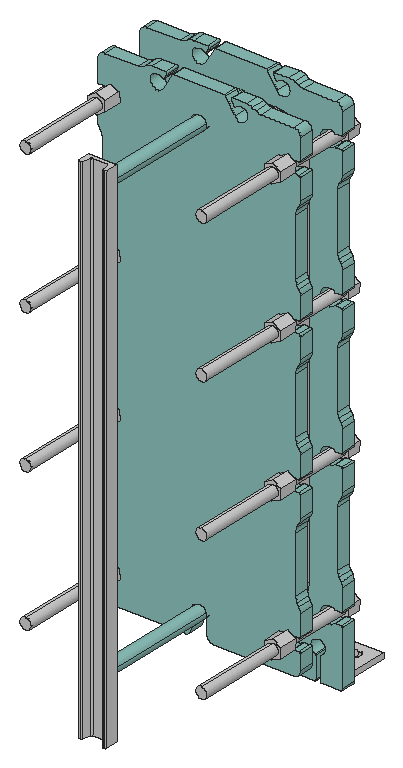
Revit family "Ekin_Endüstriyel - MIT509", category Specialty Equipment, Revit 2022 (continued)
Automatic sketch dimensions
  Extrusion 3 sketch curve to Extrusion 3 sketch curve = 21.75 mm  (x2)
  Extrusion 3 sketch curve to Extrusion 3 sketch curve = 24.00 mm
  Extrusion 3 sketch curve to Extrusion 3 sketch curve = 8.75 mm  (x12)
  Extrusion 3 sketch curve to Extrusion 3 sketch curve = 17.50 mm  (x4)
  Extrusion 3 sketch curve to Extrusion 3 sketch curve = 30.606 mm  (x12)
  Extrusion 3 sketch curve to Extrusion 3 sketch curve = 81.962 mm  (x6)
  Extrusion 3 sketch curve to Extrusion 3 sketch curve = 8.50 mm
  Extrusion 3 sketch curve to Extrusion 3 sketch curve = 26.75 mm  (x2)
  Extrusion 3 sketch curve to Extrusion 3 sketch curve = 29.75 mm  (x2)
  Extrusion 3 sketch curve to Extrusion 3 sketch curve = 5.25 mm  (x2)
  Extrusion 3 sketch curve to Extrusion 3 sketch curve = 8.357 mm  (x2)
  Extrusion 3 sketch curve to Extrusion 3 sketch curve = 1.00 mm  (x5)
  Extrusion 3 sketch curve to Extrusion 3 sketch curve = 5.643 mm  (x2)
  Extrusion 4 sketch curve to Extrusion 4 sketch curve = 0.00 mm  (x4)
  Extrusion 4 sketch curve to plane 3 "Center (Left/Right)" = 0.00 mm  (x2)
  level to Extrusion 4 sketch curve = 84.00 mm
  Extrusion 4 sketch curve to Extrusion 4 sketch curve = 632.00 mm
  plane 3 "Center (Left/Right)" to Extrusion 4 sketch curve = 9.375 mm  (x2)
  Extrusion 4 sketch curve to plane 3 "Center (Left/Right)" = 9.375 mm  (x2)
  Extrusion 4 sketch curve to Extrusion 4 sketch curve = 1.536 mm  (x2)
  Extrusion 5 sketch curve to Extrusion 5 sketch curve = 0.00 mm  (x16)
  Extrusion 5 sketch curve to plane 3 "Center (Left/Right)" = 126.80 mm  (x4)
  plane 3 "Center (Left/Right)" to Extrusion 5 sketch curve = 126.80 mm  (x4)
  level to Extrusion 5 sketch curve = 92.50 mm  (x2)
  Extrusion 5 sketch curve to Extrusion 5 sketch curve = 205.00 mm  (x6)
  Extrusion 5 sketch curve to Extrusion 5 sketch curve = 0.502 mm  (x16)
  Extrusion 6 sketch curve to plane 8 "3" = 0.00 mm
  plane 3 "Center (Left/Right)" to Extrusion 6 sketch curve = 20.00 mm
  Extrusion 6 sketch curve to Extrusion 6 sketch curve = 1.50 mm  (x3)
  Extrusion 6 sketch curve to Extrusion 6 sketch curve = 2.246 mm  (x2)
  Extrusion 6 sketch curve to Extrusion 6 sketch curve = 1.477 mm  (x2)
  Extrusion 6 sketch curve to Extrusion 6 sketch curve = 7.132 mm  (x2)
  Extrusion 6 sketch curve to Extrusion 6 sketch curve = 2.461 mm  (x2)
  Extrusion 6 sketch curve to plane 8 "3" = 5.00 mm
  Extrusion 6 sketch curve to plane 3 "Center (Left/Right)" = 10.407 mm
  Extrusion 6 sketch curve to plane 8 "3" = 7.061 mm
  Extrusion 6 sketch curve to Extrusion 6 sketch curve = 1.909 mm
  Extrusion 6 sketch curve to Extrusion 6 sketch curve = 2.061 mm
  Extrusion 6 sketch curve to Extrusion 6 sketch curve = 10.429 mm
  Extrusion 7 sketch curve to plane 3 "Center (Left/Right)" = 139.211 mm  (x4)
  Extrusion 7 sketch curve to Extrusion 7 sketch curve = 0.87 mm  (x12)
  Extrusion 7 sketch curve to Extrusion 7 sketch curve = 11.541 mm  (x12)
  Extrusion 7 sketch curve to Extrusion 7 sketch curve = 12.411 mm  (x16)
  plane 3 "Center (Left/Right)" to Extrusion 7 sketch curve = 114.389 mm  (x4)
  level to Extrusion 7 sketch curve = 78.671 mm  (x2)
  Extrusion 7 sketch curve to Extrusion 7 sketch curve = 6.161 mm  (x12)
  Extrusion 7 sketch curve to Extrusion 7 sketch curve = 7.668 mm  (x12)
  Extrusion 7 sketch curve to Extrusion 7 sketch curve = 13.829 mm  (x16)
  Extrusion 7 sketch curve to Extrusion 7 sketch curve = 177.342 mm  (x6)
  Extrusion 3 to Extrusion 8 sketch curve = 0.211 mm  (x8)
  Extrusion 8 sketch curve to Extrusion 3 = 0.659 mm  (x8)
  Extrusion 8 sketch curve to Extrusion 3 = 5.079 mm  (x16)
  Extrusion 8 sketch curve to Extrusion 3 = 11.33 mm  (x8)
  Extrusion 8 sketch curve to Extrusion 3 = 13.07 mm  (x8)
  Extrusion 3 to Extrusion 8 sketch curve = 1.082 mm  (x16)
  Extrusion 8 sketch curve to Extrusion 8 sketch curve = 12.411 mm  (x4)
  Extrusion 3 to Extrusion 8 sketch curve = 2.589 mm  (x16)
  Extrusion 8 sketch curve to Extrusion 8 sketch curve = 11.541 mm  (x2)
  Extrusion 8 sketch curve to Extrusion 8 sketch curve = 0.87 mm  (x6)
  Extrusion 8 sketch curve to Extrusion 3 = 24.611 mm  (x4)
  Extrusion 3 to Extrusion 9 sketch curve = 5.623 mm  (x8)
  Extrusion 3 to Extrusion 9 sketch curve = 3.882 mm  (x8)
  Extrusion 9 sketch curve to Extrusion 3 = 10.459 mm  (x8)
  Extrusion 9 sketch curve to Extrusion 3 = 13.941 mm  (x8)
  Extrusion 9 sketch curve to Extrusion 3 = 6.587 mm  (x16)
  Extrusion 9 sketch curve to Extrusion 9 sketch curve = 24.823 mm  (x4)
  Extrusion 9 sketch curve to Extrusion 3 = 3.572 mm  (x16)
  Extrusion 9 sketch curve to Extrusion 9 sketch curve = 1.741 mm  (x7)
  Extrusion 9 sketch curve to Extrusion 9 sketch curve = 23.082 mm
  Extrusion 9 sketch curve to Extrusion 3 = 37.023 mm  (x4)
  Extrusion 9 sketch curve to Extrusion 3 = 14.842 mm  (x2)
  Extrusion 9 sketch curve to Extrusion 3 = 18.908 mm  (x14)
  Extrusion 10 sketch curve to plane 3 "Center (Left/Right)" = 151.623 mm  (x4)
  Extrusion 10 sketch curve to Extrusion 10 sketch curve = 1.741 mm  (x13)
  Extrusion 10 sketch curve to Extrusion 10 sketch curve = 23.082 mm  (x11)
  Extrusion 10 sketch curve to Extrusion 10 sketch curve = 24.823 mm  (x16)
  plane 3 "Center (Left/Right)" to Extrusion 10 sketch curve = 101.977 mm  (x4)
  level to Extrusion 10 sketch curve = 64.842 mm  (x2)
  Extrusion 10 sketch curve to Extrusion 10 sketch curve = 12.322 mm  (x12)
  Extrusion 10 sketch curve to Extrusion 10 sketch curve = 15.337 mm  (x12)
  Extrusion 10 sketch curve to Extrusion 10 sketch curve = 27.658 mm  (x16)
  Extrusion 10 sketch curve to Extrusion 10 sketch curve = 149.684 mm  (x6)
  Extrusion 11 sketch curve to Extrusion 11 sketch curve = 0.00 mm  (x13)
  Extrusion 11 sketch curve to plane 3 "Center (Left/Right)" = 99.00 mm  (x2)
  Extrusion 11 sketch curve to Extrusion 11 sketch curve = 9.50 mm  (x16)
  Extrusion 11 sketch curve to plane 3 "Center (Left/Right)" = 50.00 mm  (x2)
  Extrusion 11 sketch curve to plane 3 "Center (Left/Right)" = 10.50 mm  (x4)
  Extrusion 11 sketch curve to plane 3 "Center (Left/Right)" = 1.00 mm  (x2)
  plane 3 "Center (Left/Right)" to Extrusion 11 sketch curve = 1.00 mm  (x2)
  plane 3 "Center (Left/Right)" to Extrusion 11 sketch curve = 10.50 mm  (x4)
  plane 3 "Center (Left/Right)" to Extrusion 11 sketch curve = 50.00 mm  (x2)
  Extrusion 11 sketch curve to Extrusion 11 sketch curve = 39.50 mm  (x12)
  level to Extrusion 11 sketch curve = 78.00 mm  (x2)
  Extrusion 11 sketch curve to Extrusion 11 sketch curve = 49.00 mm  (x2)
  Extrusion 11 sketch curve to Extrusion 11 sketch curve = 448.00 mm
  Extrusion 11 sketch curve to Extrusion 11 sketch curve = 31.50 mm  (x2)
  plane 3 "Center (Left/Right)" to Extrusion 11 sketch curve = 18.50 mm  (x2)
  plane 9 "Bolt End" to Extrusion 12 sketch curve = 35.217 mm  (x2)
  Extrusion 12 sketch curve to Extrusion 12 sketch curve = 7.00 mm  (x3)
  Extrusion 12 sketch curve to Extrusion 12 sketch curve = 0.00 mm  (x3)
  Extrusion 12 sketch curve to Extrusion 12 sketch curve = 1.087 mm  (x4)
  Extrusion 12 sketch curve to Extrusion 12 sketch curve = 10.986 mm  (x2)
  Extrusion 12 sketch curve to plane 3 "Center (Left/Right)" = 120.00 mm
  Extrusion 12 sketch curve to Extrusion 12 sketch curve = 4.00 mm  (x4)
  plane 3 "Center (Left/Right)" to Extrusion 12 sketch curve = 102.00 mm
  Extrusion 13 sketch curve to level = 0.00 mm
  Extrusion 13 sketch curve to plane 1 "Center (Front/Back)" = 0.00 mm
  Extrusion 13 sketch curve to Extrusion 13 sketch curve = 7.50 mm
  level to Extrusion 13 sketch curve = 7.50 mm
  plane 9 "Bolt End" to Extrusion 13 sketch curve = 48.30 mm
  Extrusion 13 sketch curve to Extrusion 13 sketch curve = 59.50 mm
  Extrusion 14 sketch curve to level = 0.00 mm
  Extrusion 14 sketch curve to plane 1 "Center (Front/Back)" = 0.00 mm
  Extrusion 14 sketch curve to Extrusion 14 sketch curve = 7.50 mm
  level to Extrusion 14 sketch curve = 7.50 mm
  plane 9 "Bolt End" to Extrusion 14 sketch curve = 48.30 mm
  Extrusion 14 sketch curve to Extrusion 14 sketch curve = 59.50 mm
  Extrusion 15 sketch curve to Extrusion 11 = 1.081 mm  (x16)
  Extrusion 15 sketch curve to Extrusion 11 = 3.342 mm  (x16)
  Extrusion 15 sketch curve to Extrusion 11 = 7.721 mm  (x16)
  Extrusion 15 sketch curve to Extrusion 11 = 2.684 mm  (x16)
  Extrusion 15 sketch curve to Extrusion 11 = 8.861 mm  (x16)
  Extrusion 15 sketch curve to Extrusion 15 sketch curve = 14.419 mm  (x16)
  Extrusion 15 sketch curve to Extrusion 15 sketch curve = 7.779 mm  (x11)
  Extrusion 15 sketch curve to Extrusion 15 sketch curve = 6.639 mm  (x13)
  Extrusion 15 sketch curve to Extrusion 11 = 14.842 mm  (x8)
  Extrusion 15 sketch curve to Extrusion 11 = 29.919 mm  (x8)
  Extrusion 15 sketch curve to Extrusion 15 sketch curve = 12.158 mm  (x12)
  Extrusion 15 sketch curve to Extrusion 15 sketch curve = 0.00 mm  (x6)
  Extrusion 15 sketch curve to Extrusion 15 sketch curve = 12.816 mm  (x26)
  Extrusion 15 sketch curve to Extrusion 15 sketch curve = 13.474 mm
  Extrusion 15 sketch curve to Extrusion 15 sketch curve = 24.974 mm  (x5)
  Extrusion 15 sketch curve to Extrusion 15 sketch curve = 0.658 mm  (x6)
  Extrusion 16 sketch curve to Extrusion 16 sketch curve = 0.00 mm  (x32)
  Extrusion 16 sketch curve to Extrusion 11 = 15.50 mm  (x32)
  Extrusion 16 sketch curve to Extrusion 11 = 2.181 mm  (x16)
  Extrusion 16 sketch curve to Extrusion 11 = 8.60 mm  (x16)
  Extrusion 16 sketch curve to Extrusion 16 sketch curve = 6.90 mm  (x16)
  Extrusion 11 to Extrusion 17 sketch curve = 25.062 mm
  Extrusion 17 sketch curve to Extrusion 17 sketch curve = 2.527 mm  (x2)
  Extrusion 17 sketch curve to Extrusion 17 sketch curve = 10.535 mm
  Extrusion 11 to Extrusion 17 sketch curve = 9.473 mm  (x2)
  Extrusion 11 to Extrusion 17 sketch curve = 1.465 mm  (x2)
  Extrusion 17 sketch curve to Extrusion 11 = 1.062 mm  (x2)
  Extrusion 17 sketch curve to Extrusion 17 sketch curve = 13.062 mm  (x2)
  Extrusion 11 to Extrusion 17 sketch curve = 46.624 mm  (x2)
  Extrusion 17 sketch curve to Extrusion 17 sketch curve = 4.623 mm  (x4)
  Extrusion 17 sketch curve to Extrusion 17 sketch curve = 9.001 mm  (x2)
  Extrusion 17 sketch curve to Extrusion 17 sketch curve = 13.624 mm  (x4)
  Extrusion 18 sketch curve to Extrusion 18 sketch curve = 0.00 mm  (x50)
  plane 3 "Center (Left/Right)" to Extrusion 18 sketch curve = 50.00 mm  (x2)
  Extrusion 18 sketch curve to plane 3 "Center (Left/Right)" = 50.00 mm  (x2)
  level to Extrusion 18 sketch curve = 127.00 mm
  Extrusion 18 sketch curve to Extrusion 18 sketch curve = 546.00 mm
  Extrusion 18 sketch curve to Extrusion 18 sketch curve = 28.00 mm  (x2)
  Extrusion 18 sketch curve to Extrusion 18 sketch curve = 2.00 mm  (x4)
  Extrusion 18 sketch curve to plane 3 "Center (Left/Right)" = 20.00 mm  (x2)
  Extrusion 19 sketch curve to Extrusion 19 sketch curve = 0.00 mm  (x11)
  Extrusion 19 sketch curve to level = 0.00 mm  (x2)
  Extrusion 19 sketch curve to plane 4 = 1306.00 mm
  level to Extrusion 19 sketch curve = 3.00 mm  (x4)
  Extrusion 19 sketch curve to Extrusion 19 sketch curve = 10.00 mm  (x5)
  Extrusion 19 sketch curve to plane 4 = 1286.80 mm
  Extrusion 19 sketch curve to Extrusion 19 sketch curve = 9.20 mm
  Extrusion 19 sketch curve to Extrusion 19 sketch curve = 16.20 mm
  Extrusion 19 sketch curve to Extrusion 19 sketch curve = 15.80 mm
  Extrusion 19 sketch curve to Extrusion 19 sketch curve = 46.856 mm
  Extrusion 19 sketch curve to Extrusion 19 sketch curve = 7.50 mm  (x4)
  Extrusion 19 sketch curve to Extrusion 19 sketch curve = 32.00 mm  (x5)
  Extrusion 19 sketch curve to Extrusion 19 sketch curve = 5.163 mm  (x2)
  level to Extrusion 19 sketch curve = 29.393 mm  (x2)
  Extrusion 19 sketch curve to Extrusion 19 sketch curve = 4.393 mm
  Extrusion 19 sketch curve to Extrusion 19 sketch curve = 10.607 mm  (x5)
  Extrusion 19 sketch curve to Extrusion 19 sketch curve = 8.981 mm  (x2)
  level to Extrusion 19 sketch curve = 45.607 mm  (x2)
  Extrusion 19 sketch curve to Extrusion 19 sketch curve = 16.213 mm  (x2)
  Extrusion 19 sketch curve to Extrusion 19 sketch curve = 5.393 mm
  Extrusion 19 sketch curve to Extrusion 19 sketch curve = 89.574 mm
  Extrusion 19 sketch curve to Extrusion 19 sketch curve = 100.00 mm
  Extrusion 19 sketch curve to Extrusion 19 sketch curve = 5.213 mm
  Extrusion 19 sketch curve to Extrusion 19 sketch curve = 15.00 mm
  Extrusion 19 sketch curve to Extrusion 19 sketch curve = 39.393 mm
  Extrusion 19 sketch curve to plane 4 = 1033.20 mm  (x4)
  Extrusion 19 sketch curve to plane 4 = 1024.00 mm
  Extrusion 19 sketch curve to plane 4 = 1017.00 mm
  Extrusion 19 sketch curve to Extrusion 19 sketch curve = 15.607 mm  (x2)
  Extrusion 19 sketch curve to Extrusion 19 sketch curve = 47.50 mm  (x2)
  Extrusion 19 sketch curve to Extrusion 19 sketch curve = 77.00 mm
  Extrusion 19 sketch curve to Extrusion 19 sketch curve = 170.50 mm  (x3)
  Extrusion 19 sketch curve to Extrusion 19 sketch curve = 205.00 mm  (x2)
  Extrusion 19 sketch curve to Extrusion 19 sketch curve = 34.50 mm  (x2)
  Extrusion 19 sketch curve to Extrusion 19 sketch curve = 40.50 mm  (x2)
  Extrusion 19 sketch curve to Extrusion 19 sketch curve = 2.00 mm  (x2)
  Extrusion 19 sketch curve to Extrusion 19 sketch curve = 2.01 mm  (x2)
  Extrusion 19 sketch curve to Extrusion 19 sketch curve = 2.981 mm
  Extrusion 20 sketch curve to Extrusion 20 sketch curve = 0.00 mm  (x12)
  Extrusion 20 sketch curve to plane 4 = 1063.00 mm
  Extrusion 20 sketch curve to Extrusion 20 sketch curve = 47.00 mm  (x7)
  Extrusion 20 sketch curve to Extrusion 20 sketch curve = 40.50 mm  (x4)
  Extrusion 20 sketch curve to Extrusion 20 sketch curve = 9.50 mm  (x2)
  level to Extrusion 20 sketch curve = 76.00 mm
  Extrusion 20 sketch curve to Extrusion 20 sketch curve = 7.00 mm
  Extrusion 20 sketch curve to Extrusion 20 sketch curve = 4.00 mm  (x2)
  Extrusion 20 sketch curve to Extrusion 20 sketch curve = 546.00 mm
  Extrusion 20 sketch curve to Extrusion 20 sketch curve = 1.00 mm  (x2)
  Extrusion 20 sketch curve to Extrusion 20 sketch curve = 40.00 mm
  Extrusion 20 sketch curve to Extrusion 20 sketch curve = 8.00 mm  (x2)
  Extrusion 20 sketch curve to Extrusion 20 sketch curve = 15.00 mm  (x2)
  Extrusion 20 sketch curve to Extrusion 20 sketch curve = 32.00 mm  (x2)
  Extrusion 21 sketch curve to Extrusion 21 sketch curve = 0.00 mm  (x23)
  Extrusion 21 sketch curve to plane 4 = 1014.00 mm
  Extrusion 21 sketch curve to Extrusion 21 sketch curve = 10.00 mm  (x6)
  Extrusion 21 sketch curve to plane 4 = 1033.20 mm  (x4)
  Extrusion 21 sketch curve to Extrusion 21 sketch curve = 46.856 mm
  Extrusion 21 sketch curve to Extrusion 21 sketch curve = 7.50 mm  (x4)
  Extrusion 21 sketch curve to Extrusion 21 sketch curve = 5.163 mm  (x2)
  Extrusion 21 sketch curve to Extrusion 21 sketch curve = 8.981 mm  (x2)
  level to Extrusion 21 sketch curve = 50.00 mm  (x2)
  Extrusion 21 sketch curve to Extrusion 21 sketch curve = 105.80 mm  (x2)
  Extrusion 21 sketch curve to Extrusion 21 sketch curve = 60.00 mm  (x2)
  Extrusion 21 sketch curve to Extrusion 21 sketch curve = 11.00 mm  (x2)
  Extrusion 21 sketch curve to Extrusion 21 sketch curve = 115.80 mm
  Extrusion 21 sketch curve to Extrusion 21 sketch curve = 37.656 mm
  Extrusion 21 sketch curve to Extrusion 21 sketch curve = 9.20 mm  (x2)
  Extrusion 21 sketch curve to Extrusion 21 sketch curve = 24.00 mm
  Extrusion 21 sketch curve to Extrusion 21 sketch curve = 32.50 mm  (x2)
  Extrusion 21 sketch curve to Extrusion 21 sketch curve = 205.00 mm  (x6)
  Extrusion 21 sketch curve to Extrusion 21 sketch curve = 8.50 mm
  Extrusion 21 sketch curve to Extrusion 21 sketch curve = 40.50 mm  (x2)
  Extrusion 21 sketch curve to Extrusion 21 sketch curve = 32.00 mm
  Extrusion 21 sketch curve to Extrusion 21 sketch curve = 2.00 mm  (x2)
  Extrusion 21 sketch curve to Extrusion 21 sketch curve = 2.01 mm  (x2)
  Extrusion 21 sketch curve to Extrusion 21 sketch curve = 2.981 mm
  Extrusion 21 sketch curve to Extrusion 21 sketch curve = 12.00 mm  (x8)
  Extrusion 21 sketch curve to Extrusion 21 sketch curve = 1.519 mm
  Extrusion 21 sketch curve to Extrusion 21 sketch curve = 10.50 mm
  Extrusion 22 sketch curve to level = 0.00 mm
  plane 5 to Extrusion 22 sketch curve = 854.00 mm
  plane 5 to Extrusion 22 sketch curve = 873.20 mm  (x2)
  Extrusion 22 sketch curve to Extrusion 22 sketch curve = 19.20 mm  (x3)
  Extrusion 22 sketch curve to Extrusion 22 sketch curve = 15.80 mm  (x2)
  plane 5 to Extrusion 22 sketch curve = 940.00 mm
  plane 5 to Extrusion 22 sketch curve = 1060.00 mm
  level to Extrusion 22 sketch curve = 45.00 mm  (x2)
  plane 5 to Extrusion 22 sketch curve = 1111.00 mm
  plane 5 to Extrusion 22 sketch curve = 1126.80 mm  (x2)
  Extrusion 22 sketch curve to Extrusion 22 sketch curve = 66.80 mm
  Extrusion 22 sketch curve to Extrusion 22 sketch curve = 47.50 mm  (x2)
  Extrusion 22 sketch curve to Extrusion 22 sketch curve = 205.00 mm  (x6)
  Extrusion 22 sketch curve to Extrusion 22 sketch curve = 40.50 mm  (x2)
  Extrusion 22 sketch curve to Extrusion 22 sketch curve = 57.50 mm
  plane 5 to Extrusion 23 sketch curve = 1097.00 mm
  plane 5 to Extrusion 23 sketch curve = 1009.50 mm  (x2)
  plane 5 to Extrusion 23 sketch curve = 990.50 mm  (x2)
  Extrusion 23 sketch curve to Extrusion 23 sketch curve = 87.50 mm
  level to Extrusion 23 sketch curve = 76.00 mm
  Extrusion 23 sketch curve to Extrusion 23 sketch curve = 0.00 mm
  Extrusion 23 sketch curve to Extrusion 23 sketch curve = 16.50 mm
  Extrusion 23 sketch curve to Extrusion 23 sketch curve = 611.00 mm
  Extrusion 23 sketch curve to Extrusion 23 sketch curve = 17.50 mm  (x2)
  Extrusion 24 sketch curve to Extrusion 24 sketch curve = 0.00 mm  (x22)
  plane 5 to Extrusion 24 sketch curve = 1000.00 mm
  plane 5 to Extrusion 24 sketch curve = 1011.00 mm
  plane 5 to Extrusion 24 sketch curve = 1060.00 mm
  plane 5 to Extrusion 24 sketch curve = 1126.80 mm  (x2)
  Extrusion 24 sketch curve to Extrusion 24 sketch curve = 66.80 mm  (x2)
  Extrusion 24 sketch curve to Extrusion 24 sketch curve = 115.80 mm  (x2)
  Extrusion 24 sketch curve to Extrusion 24 sketch curve = 19.20 mm  (x2)
  plane 5 to Extrusion 24 sketch curve = 989.00 mm
  plane 5 to Extrusion 24 sketch curve = 940.00 mm
  plane 5 to Extrusion 24 sketch curve = 873.20 mm  (x2)
  level to Extrusion 24 sketch curve = 50.00 mm  (x2)
  Extrusion 24 sketch curve to Extrusion 24 sketch curve = 42.50 mm  (x2)
  Extrusion 24 sketch curve to Extrusion 24 sketch curve = 45.00 mm
  Extrusion 24 sketch curve to Extrusion 24 sketch curve = 205.00 mm  (x6)
  Extrusion 24 sketch curve to Extrusion 24 sketch curve = 8.50 mm
  Extrusion 24 sketch curve to Extrusion 24 sketch curve = 32.00 mm  (x2)
  Extrusion 24 sketch curve to Extrusion 24 sketch curve = 57.50 mm
  Extrusion 24 sketch curve to Extrusion 24 sketch curve = 11.00 mm
  Extrusion 24 sketch curve to Extrusion 24 sketch curve = 10.50 mm  (x2)
  Extrusion 24 sketch curve to Extrusion 24 sketch curve = 12.00 mm  (x8)
  plane 5 to Extrusion 25 sketch curve = 901.00 mm
  plane 5 to Extrusion 25 sketch curve = 999.00 mm  (x2)
  plane 5 to Extrusion 25 sketch curve = 1001.00 mm  (x2)
  level to Extrusion 25 sketch curve = 78.00 mm
  Extrusion 25 sketch curve to Extrusion 25 sketch curve = 0.00 mm  (x4)
  level to Extrusion 26 sketch curve = 127.00 mm
  Extrusion 26 sketch curve to Extrusion 26 sketch curve = 0.00 mm  (x3)
  Extrusion 26 sketch curve to Extrusion 26 sketch curve = 546.00 mm
  plane 5 to Extrusion 26 sketch curve = 980.00 mm  (x2)
  Extrusion 26 sketch curve to Extrusion 26 sketch curve = 30.00 mm  (x4)
  plane 5 to Extrusion 26 sketch curve = 1050.00 mm  (x2)
  Extrusion 25 sketch curve to Extrusion 25 sketch curve = 98.00 mm  (x5)
  Extrusion 25 sketch curve to Extrusion 25 sketch curve = 448.00 mm
  radius of Extrusion 19 sketch curve = 10.50 mm  (x4)
  radius of Extrusion 19 sketch curve = 12.00 mm  (x8)
  radius of Extrusion 22 sketch curve = 10.50 mm  (x4)
  radius of Extrusion 22 sketch curve = 12.00 mm  (x8)
Connectors
  piping at (50, 48, 673), diameter 50.8
    settings: on Extrusion 18, index 1, connector inside diameter 609.6 mm, connector length 0.00 mm, flow factor 0, pipe flow 0.0 L/s, pressure drop 0 psi, fitting loss kfactor 0, connector angle 0.00°, fixture units 0, engagement length 0.00 mm, angle of deflection 0.00°, flow configuration 0, flow direction 1, fitting loss method 0, system type 7, joint type 0, gender type 0, connector reference index -1, connector utility 0, adjustable connector no, is connector primary yes, connector description ""
  piping at (-50, 48, 673), diameter 50.8
    settings: on Extrusion 18, index 2, connector inside diameter 609.6 mm, connector length 0.00 mm, flow factor 0, pipe flow 0.0 L/s, pressure drop 0 psi, fitting loss kfactor 0, connector angle 0.00°, fixture units 0, engagement length 0.00 mm, angle of deflection 0.00°, flow configuration 0, flow direction 2, fitting loss method 0, system type 7, joint type 0, gender type 0, connector reference index -1, connector utility 0, adjustable connector no, is connector primary no, connector description ""
  piping at (50, 48, 127), diameter 50.8
    settings: on Extrusion 18, index 3, connector inside diameter 609.6 mm, connector length 0.00 mm, flow factor 0, pipe flow 0.0 L/s, pressure drop 0 psi, fitting loss kfactor 0, connector angle 0.00°, fixture units 0, engagement length 0.00 mm, angle of deflection 0.00°, flow configuration 0, flow direction 2, fitting loss method 0, system type 7, joint type 0, gender type 0, connector reference index -1, connector utility 0, adjustable connector no, is connector primary no, connector description ""
  piping at (-50, 48, 127), diameter 50.8
    settings: on Extrusion 18, index 4, connector inside diameter 609.6 mm, connector length 0.00 mm, flow factor 0, pipe flow 0.0 L/s, pressure drop 0 psi, fitting loss kfactor 0, connector angle 0.00°, fixture units 0, engagement length 0.00 mm, angle of deflection 0.00°, flow configuration 0, flow direction 1, fitting loss method 0, system type 7, joint type 0, gender type 0, connector reference index -1, connector utility 0, adjustable connector no, is connector primary no, connector description ""
Types (2, lengths in mm): name | Threaded Connection | Model | Flange Connection | Design Pressure
  Flanged | no | "H12340000F50L" | yes | 100 psi
  Threaded | yes | "H12340000DD50L" | no | 101.526 psi
